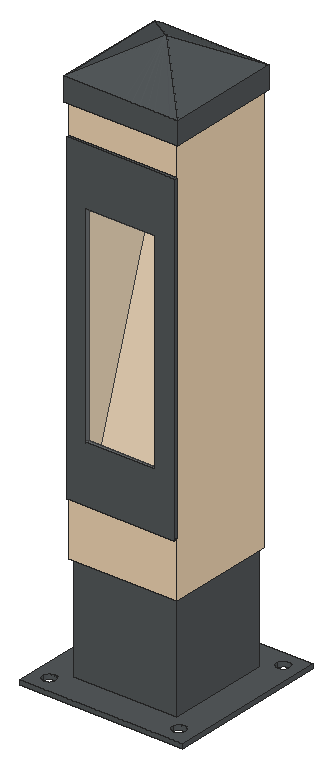
Revit family "Баум", category Осветительные приборы, Revit 2019 (continued)
Types (3, lengths in mm): name | Файл фотометрической сетки | built-in parameter 1150105 | Lumens | built-in parameter 1150106 | built-in parameter 1150142 | Wattage | h_столб низ | h_столб верх | ADSK_Фактическая мощность | ADSK_Размер_Высота | ADSK_Номинальная мощность | ADSK_Наименование | ADSK_Масса_Текст | ADSK_Масса | ADSK_Артикул
    .4 0.4 0.4 0.4 0.4 0.4 0.4 0.4 0.4 0.4 0.4 0.4 0.4 0.4\r\n 0.4 0.4 0.4 0.4 0.4 0.4 0.4 0.4 0.4 0.4 0.4 0.4 0.4 0.4 0.4 0.4 0.4 0.4 0.4 0.4 0.4 0.4 0.4 0.4 0.4 0.4 0.4 0.4 0.4 0.4 0.4 0.4\r\n 0.4 0.4 0.4 0.4 0.4 0.4 0.4 0.4 0.4 0.4 0.4 0.4 0.4 0.4 0.4 0.4 0.4 0.4 0.4 0.4 0.4 0.4 0.4 0.4 0.4 0.4 0.4 0.4 0.4 0.4 0.4 0.4\r\n 0.4 0.4 0.4 0.4 0.4 0.4 0.4 0.4 0.4 0.4 0.4 0.2 0.2 0.2 0.0 0.0 0.0 0.0 0.0 0.0 0.0\r\n0.0 0.0 0.2 0.2 0.2 0.2 0.2 0.2 0.4 0.4 0.4 0.4 0.4 0.4 0.4 0.4 0.4 0.4 0.4 0.4 0.4 0.4 0.4 0.4 0.4 0.4 0.4 0.4 0.4 0.4 0.4 0.4\r\n 0.4 0.4 0.4 0.4 0.4 0.4 0.4 0.4 0.6 0.6 0.4 0.4 0.4 0.4 0.4 0.4 0.4 0.4 0.4 0.4 0.4 0.4 0.4 0.4 0.4 0.4 0.4 0.4 0.4 0.4 0.4 0.4\r\n 0.4 0.4 0.4 0.4 0.4 0.4 0.4 0.4 0.4 0.4 0.4 0.4 0.4 0.4 0.4 0.4 0.4 0.4 0.4 0.4 0.4 0.4 0.4 0.4 0.4 0.4 0.4 0.4 0.4 0.4 0.4 0.4\r\n 0.4 0.4 0.4 0.4 0.4 0.4 0.4 0.4 0.4 0.4 0.4 0.4 0.4 0.4 0.4 0.4 0.4 0.4 0.4 0.4 0.4 0.4 0.4 0.4 0.4 0.4 0.4 0.4 0.4 0.4 0.4 0.4\r\n 0.4 0.4 0.4 0.4 0.4 0.4 0.4 0.4 0.4 0.4 0.4 0.4 0.4 0.4 0.4 0.4 0.4 0.4 0.4 0.4 0.4 0.4 0.4 0.4 0.4 0.4 0.4 0.4 0.4 0.4 0.4 0.4\r\n 0.4 0.4 0.4 0.4 0.4 0.4 0.4 0.4 0.4 0.4 0.4 0.2 0.2 0.2 0.0 0.0 0.0 0.0 0.0 0.0 0.0\r\n0.0 0.0 0.2 0.2 0.2 0.2 0.2 0.2 0.4 0.4 0.4 0.4 0.4 0.4 0.4 0.4 0.4 0.4 0.4 0.4 0.4 0.4 0.4 0.4 0.4 0.4 0.4 0.4 0.4 0.4 0.4 0.4\r\n 0.4 0.4 0.4 0.4 0.4 0.4 0.4 0.4 0.4 0.4 0.4 0.4 0.4 0.4 0.4 0.4 0.4 0.4 0.4 0.4 0.4 0.4 0.4 0.4 0.4 0.4 0.4 0.4 0.4 0.4 0.4 0.4\r\n 0.4 0.4 0.4 0.4 0.4 0.4 0.4 0.4 0.4 0.4 0.4 0.4 0.4 0.4 0.4 0.4 0.4 0.4 0.4 0.4 0.4 0.4 0.4 0.4 0.4 0.4 0.4 0.4 0.4 0.4 0.4 0.4\r\n 0.4 0.4 0.4 0.4 0.4 0.4 0.4 0.4 0.4 0.4 0.4 0.4 0.4 0.4 0.4 0.4 0.4 0.4 0.4 0.4 0.4 0.4 0.4 0.4 0.4 0.4 0.4 0.4 0.4 0.4 0.4 0.4\r\n 0.4 0.4 0.4 0.4 0.4 0.4 0.4 0.4 0.4 0.4 0.4 0.4 0.4 0.4 0.4 0.4 0.4 0.4 0.4 0.4 0.4 0.4 0.4 0.4 0.4 0.4 0.4 0.4 0.4 0.4 0.4 0.4\r\n 0.4 0.4 0.4 0.4 0.4 0.4 0.4 0.4 0.4 0.4 0.4 0.2 0.2 0.2 0.0 0.0 0.0 0.0 0.0 0.0 0.0\r\n0.0 0.0 0.2 0.2 0.2 0.2 0.2 0.2 0.4 0.4 0.4 0.4 0.4 0.4 0.4 0.4 0.4 0.4 0.4 0.4 0.4 0.4 0.4 0.4 0.4 0.4 0.4 0.4 0.4 0.4 0.4 0.4\r\n 0.4 0.4 0.4 0.4 0.4 0.4 0.4 0.4 0.4 0.4 0.4 0.4 0.4 0.4 0.4 0.4 0.4 0.4 0.4 0.4 0.4 0.4 0.4 0.4 0.4 0.4 0.4 0.4 0.4 0.4 0.4 0.4\r\n 0.4 0.4 0.4 0.4 0.4 0.4 0.4 0.4 0.4 0.4 0.4 0.4 0.4 0.4 0.4 0.4 0.4 0.4 0.4 0.4 0.4 0.4 0.4 0.4 0.4 0.4 0.4 0.4 0.4 0.4 0.4 0.4\r\n 0.4 0.4 0.4 0.4 0.4 0.4 0.4 0.4 0.4 0.4 0.4 0.4 0.4 0.4 0.4 0.4 0.4 0.4 0.4 0.4 0.4 0.4 0.4 0.4 0.4 0.4 0.4 0.4 0.4 0.4 0.4 0.4\r\n 0.4 0.4 0.4 0.4 0.4 0.4 0.4 0.4 0.4 0.4 0.4 0.4 0.4 0.4 0.4 0.4 0.4 0.4 0.4 0.4 0.4 0.4 0.4 0.4 0.4 0.4 0.4 0.4 0.4 0.4 0.4 0.4\r\n 0.4 0.4 0.4 0.4 0.4 0.4 0.4 0.4 0.4 0.4 0.4 0.2 0.2 0.2 0.0 0.0 0.0 0.0 0.0 0.0 0.0\r\n0.0 0.0 0.2 0.2 0.2 0.2 0.2 0.2 0.4 0.4 0.4 0.4 0.4 0.4 0.4 0.4 0.4 0.4 0.4 0.4 0.4 0.4 0.4 0.4 0.4 0.4 0.4 0.4 0.4 0.4 0.4 0.4\r\n 0.4 0.4 0.4 0.4 0.4 0.4 0.4 0.4 0.4 0.4 0.4 0.4 0.4 0.4 0.4 0.4 0.4 0.4 0.4 0.4 0.4 0.4 0.4 0.4 0.4 0.4 0.4 0.4 0.4 0.4 0.4 0.4\r\n 0.4 0.4 0.4 0.4 0.4 0.4 0.4 0.4 0.4 0.4 0.4 0.4 0.4 0.4 0.4 0.4 0.4 0.4 0.4 0.4 0.4 0.4 0.4 0.4 0.4 0.4 0.4 0.4 0.4 0.4 0.4 0.4\r\n 0.4 0.4 0.4 0.4 0.4 0.4 0.4 0.4 0.4 0.4 0.4 0.4 0.4 0.4 0.4 0.4 0.4 0.4 0.4 0.4 0.4 0.4 0.4 0.4 0.4 0.4 0.4 0.4 0.4 0.4 0.4 0.4\r\n 0.4 0.4 0.4 0.4 0.4 0.4 0.4 0.4 0.4 0.4 0.4 0.4 0.4 0.4 0.4 0.4 0.4 0.4 0.4 0.4 0.4 0.4 0.4 0.4 0.4 0.4 0.4 0.4 0.4 0.4 0.4 0.4\r\n 0.4 0.4 0.4 0.4 0.4 0.4 0.4 0.4 0.4 0.4 0.4 0.2 0.2 0.2 0.0 0.0 0.0 0.0 0.0 0.0 0.0\r\n0.0 0.0 0.2 0.2 0.2 0.2 0.2 0.2 0.4 0.4 0.4 0.4 0.4 0.4 0.4 0.4 0.4 0.4 0.4 0.4 0.4 0.4 0.4 0.4 0.4 0.4 0.4 0.4 0.4 0.4 0.4 0.4\r\n 0.4 0.4 0.4 0.4 0.4 0.4 0.4 0.4 0.4 0.4 0.4 0.4 0.4 0.4 0.4 0.4 0.4 0.4 0.4 0.4 0.4 0.4 0.4 0.4 0.4 0.4 0.4 0.4 0.4 0.4 0.4 0.4\r\n 0.4 0.4 0.4 0.4 0.4 0.4 0.4 0.4 0.4 0.4 0.4 0.4 0.4 0.4 0.4 0.4 0.4 0.4 0.4 0.4 0.4 0.4 0.4 0.4 0.4 0.4 0.4 0.4 0.4 0.4 0.4 0.4\r\n 0.4 0.4 0.4 0.4 0.4 0.4 0.4 0.4 0.4 0.4 0.4 0.4 0.4 0.4 0.4 0.4 0.4 0.4 0.4 0.4 0.4 0.4 0.4 0.4 0.4 0.4 0.4 0.4 0.4 0.4 0.4 0.4\r\n 0.4 0.4 0.4 0.4 0.4 0.4 0.4 0.4 0.4 0.4 0.4 0.4 0.4 0.4 0.4 0.4 0.4 0.4 0.4 0.4 0.4 0.4 0.4 0.4 0.4 0.4 0.4 0.4 0.4 0.4 0.4 0.4\r\n 0.4 0.4 0.4 0.4 0.4 0.4 0.4 0.4 0.4 0.4 0.4 0.2 0.2 0.2 0.0 0.0 0.0 0.0 0.0 0.0 0.0\r\n0.0 0.0 0.2 0.2 0.2 0.2 0.2 0.2 0.4 0.4 0.4 0.4 0.4 0.4 0.4 0.4 0.4 0.4 0.4 0.4 0.4 0.4 0.4 0.4 0.4 0.4 0.4 0.4 0.4 0.4 0.4 0.4\r\n 0.4 0.4 0.4 0.4 0.4 0.4 0.4 0.4 0.4 0.4 0.4 0.4 0.4 0.4 0.4 0.4 0.4 0.4 0.4 0.4 0.4 0.4 0.4 0.4 0.4 0.4 0.4 0.4 0.4 0.4 0.4 0.4\r\n 0.4 0.4 0.4 0.4 0.4 0.4 0.4 0.4 0.4 0.4 0.4 0.4 0.4 0.4 0.6 0.4 0.4 0.4 0.4 0.4 0.4 0.4 0.4 0.4 0.4 0.4 0.4 0.4 0.4 0.4 0.4 0.4\r\n 0.4 0.4 0.4 0.4 0.4 0.4 0.4 0.4 0.4 0.4 0.4 0.4 0.4 0.4 0.4 0.4 0.4 0.4 0.4 0.4 0.4 0.4 0.4 0.4 0.4 0.4 0.4 0.4 0.4 0.4 0.4 0.4\r\n 0.4 0.4 0.4 0.4 0.4 0.4 0.4 0.4 0.4 0.4 0.4 0.4 0.4 0.4 0.4 0.4 0.4 0.4 0.4 0.4 0.4 0.4 0.4 0.4 0.4 0.4 0.4 0.4 0.4 0.4 0.4 0.4\r\n 0.4 0.4 0.4 0.4 0.4 0.4 0.4 0.4 0.4 0.4 0.4 0.2 0.2 0.2 0.0 0.0 0.0 0.0 0.0 0.0 0.0\r\n0.0 0.0 0.2 0.2 0.2 0.2 0.2 0.2 0.4 0.4 0.4 0.4 0.4 0.4 0.4 0.4 0.4 0.4 0.4 0.4 0.4 0.4 0.4 0.4 0.4 0.4 0.4 0.4 0.4 0.4 0.4 0.4\r\n 0.4 0.4 0.4 0.4 0.4 0.4 0.4 0.4 0.4 0.4 0.4 0.4 0.4 0.4 0.4 0.4 0.4 0.4 0.4 0.4 0.4 0.4 0.4 0.4 0.4 0.4 0.4 0.4 0.4 0.4 0.4 0.4\r\n 0.4 0.4 0.4 0.4 0.4 0.4 0.4 0.4 0.4 0.4 0.4 0.4 0.4 0.4 0.4 0.4 0.4 0.4 0.4 0.4 0.4 0.4 0.4 0.4 0.4 0.4 0.4 0.4 0.4 0.4 0.4 0.4\r\n 0.4 0.4 0.4 0.4 0.4 0.4 0.4 0.4 0.4 0.4 0.4 0.4 0.4 0.4 0.4 0.4 0.4 0.4 0.4 0.4 0.4 0.4 0.4 0.4 0.4 0.4 0.4 0.4 0.4 0.4 0.4 0.4\r\n 0.4 0.4 0.4 0.4 0.4 0.4 0.4 0.4 0.4 0.4 0.4 0.4 0.4 0.4 0.4 0.4 0.4 0.4 0.4 0.4 0.4 0.4 0.4 0.4 0.4 0.4 0.4 0.4 0.4 0.4 0.4 0.4\r\n 0.4 0.4 0.4 0.4 0.4 0.4 0.4 0.4 0.4 0.4 0.4 0.2 0.2 0.2 0.0 0.0 0.0 0.0 0.0 0.0 0.0\r\n0.0 0.0 0.2 0.2 0.2 0.2 0.2 0.2 0.4 0.4 0.4 0.4 0.4 0.4 0.4 0.4 0.4 0.4 0.4 0.4 0.4 0.4 0.4 0.4 0.4 0.4 0.4 0.4 0.4 0.4 0.4 0.4\r\n 0.4 0.4 0.4 0.4 0.4 0.4 0.4 0.4 0.4 0.4 0.4 0.4 0.4 0.4 0.4 0.4 0.4 0.4 0.4 0.4 0.4 0.4 0.4 0.4 0.4 0.4 0.4 0.4 0.4 0.4 0.4 0.4\r\n 0.4 0.4 0.4 0.4 0.4 0.4 0.4 0.4 0.4 0.4 0.4 0.4 0.4 0.4 0.4 0.4 0.4 0.4 0.4 0.4 0.4 0.4 0.4 0.4 0.4 0.4 0.4 0.4 0.4 0.4 0.4 0.4\r\n 0.4 0.4 0.4 0.4 0.4 0.4 0.4 0.4 0.4 0.4 0.4 0.4 0.4 0.4 0.4 0.4 0.4 0.4 0.4 0.4 0.4 0.4 0.4 0.4 0.4 0.4 0.4 0.4 0.4 0.4 0.4 0.4\r\n 0.4 0.4 0.4 0.4 0.4 0.4 0.4 0.4 0.4 0.4 0.4 0.4 0.4 0.4 0.4 0.4 0.4 0.4 0.4 0.4 0.4 0.4 0.4 0.4 0.4 0.4 0.4 0.4 0.4 0.4 0.4 0.4\r\n 0.4 0.4 0.4 0.4 0.4 0.4 0.4 0.4 0.4 0.4 0.4 0.2 0.2 0.2 0.0 0.0 0.0 0.0 0.0 0.0 0.0\r\n0.0 0.0 0.2 0.2 0.2 0.2 0.2 0.2 0.4 0.4 0.4 0.4 0.4 0.4 0.4 0.4 0.4 0.4 0.4 0.4 0.4 0.4 0.4 0.4 0.4 0.4 0.4 0.4 0.4 0.4 0.4 0.4\r\n 0.4 0.4 0.4 0.4 0.4 0.4 0.4 0.4 0.4 0.4 0.4 0.4 0.4 0.4 0.4 0.4 0.4 0.4 0.4 0.4 0.4 0.4 0.4 0.4 0.4 0.4 0.4 0.4 0.4 0.4 0.4 0.4\r\n 0.4 0.4 0.4 0.4 0.4 0.4 0.4 0.4 0.4 0.4 0.4 0.4 0.4 0.4 0.4 0.4 0.4 0.4 0.4 0.4 0.4 0.4 0.4 0.4 0.4 0.4 0.4 0.4 0.4 0.4 0.4 0.4\r\n 0.4 0.4 0.4 0.4 0.4 0.4 0.4 0.4 0.4 0.4 0.4 0.4 0.4 0.4 0.4 0.4 0.4 0.4 0.4 0.4 0.4 0.4 0.4 0.4 0.4 0.4 0.4 0.4 0.4 0.4 0.4 0.4\r\n 0.4 0.4 0.4 0.4 0.4 0.4 0.4 0.4 0.4 0.4 0.4 0.4 0.4 0.4 0.4 0.4 0.4 0.4 0.4 0.4 0.4 0.4 0.4 0.4 0.4 0.4 0.4 0.4 0.4 0.4 0.4 0.4\r\n 0.4 0.4 0.4 0.4 0.4 0.4 0.4 0.4 0.4 0.4 0.4 0.2 0.2 0.2 0.0 0.0 0.0 0.0 0.0 0.0 0.0\r\n0.0 0.0 0.4 0.2 0.2 0.2 0.2 0.2 0.4 0.4 0.4 0.4 0.4 0.4 0.4 0.4 0.4 0.4 0.4 0.4 0.4 0.4 0.4 0.4 0.4 0.4 0.4 0.4 0.4 0.4 0.4 0.4\r\n 0.4 0.4 0.4 0.4 0.4 0.4 0.4 0.4 0.4 0.4 0.4 0.4 0.4 0.4 0.4 0.4 0.4 0.4 0.4 0.4 0.4 0.4 0.4 0.4 0.4 0.4 0.4 0.4 0.4 0.4 0.4 0.4\r\n 0.4 0.4 0.4 0.4 0.4 0.4 0.4 0.4 0.4 0.4 0.4 0.4 0.4 0.4 0.4 0.4 0.4 0.4 0.4 0.4 0.4 0.4 0.4 0.4 0.4 0.4 0.4 0.4 0.4 0.4 0.4 0.4\r\n 0.4 0.4 0.4 0.4 0.4 0.4 0.4 0.4 0.4 0.4 0.4 0.4 0.4 0.4 0.4 0.4 0.4 0.4 0.4 0.4 0.4 0.4 0.4 0.4 0.4 0.4 0.4 0.4 0.4 0.4 0.4 0.4\r\n 0.4 0.4 0.4 0.4 0.4 0.4 0.4 0.4 0.4 0.4 0.4 0.4 0.4 0.4 0.4 0.4 0.4 0.4 0.4 0.4 0.4 0.4 0.4 0.4 0.4 0.4 0.4 0.4 0.4 0.4 0.4 0.4\r\n 0.4 0.4 0.4 0.4 0.4 0.4 0.4 0.4 0.4 0.4 0.4 0.2 0.2 0.2 0.0 0.0 0.0 0.0 0.0 0.0 0.0\r\n0.0 0.0 0.4 0.2 0.2 0.2 0.2 0.2 0.4 0.4 0.4 0.4 0.4 0.4 0.4 0.4 0.4 0.4 0.4 0.4 0.4 0.4 0.4 0.4 0.4 0.4 0.4 0.4 0.4 0.4 0.4 0.4\r\n 0.4 0.4 0.4 0.4 0.4 0.4 0.4 0.4 0.4 0.4 0.4 0.4 0.4 0.4 0.4 0.4 0.4 0.4 0.4 0.4 0.4 0.4 0.4 0.4 0.4 0.4 0.4 0.4 0.4 0.4 0.4 0.4\r\n 0.4 0.6 0.6 0.6 0.6 0.6 0.6 0.6 0.6 0.4 0.4 0.4 0.4 0.4 0.4 0.4 0.4 0.4 0.4 0.4 0.4 0.4 0.4 0.4 0.4 0.4 0.4 0.4 0.4 0.4 0.4 0.4\r\n 0.4 0.4 0.4 0.4 0.4 0.4 0.4 0.4 0.4 0.4 0.4 0.4 0.4 0.4 0.4 0.4 0.4 0.4 0.4 0.4 0.4 0.4 0.4 0.4 0.4 0.4 0.4 0.4 0.4 0.4 0.4 0.4\r\n 0.4 0.4 0.4 0.4 0.4 0.4 0.4 0.4 0.4 0.4 0.4 0.4 0.4 0.4 0.4 0.4 0.4 0.4 0.4 0.4 0.4 0.4 0.4 0.4 0.4 0.4 0.4 0.4 0.4 0.4 0.4 0.4\r\n 0.4 0.4 0.4 0.4 0.4 0.4 0.4 0.4 0.4 0.4 0.4 0.2 0.2 0.2 0.0 0.0 0.0 0.0 0.0 0.0 0.0\r\n0.0 0.0 0.4 0.2 0.2 0.2 0.2 0.2 0.4 0.6 0.4 0.4 0.4 0.4 0.4 0.4 0.4 0.4 0.4 0.4 0.4 0.4 0.4 0.4 0.4 0.4 0.4 0.4 0.4 0.4 0.4 0.4\r\n 0.4 0.4 0.4 0.4 0.4 0.4 0.4 0.4 0.4 0.4 0.4 0.4 0.4 0.4 0.4 0.4 0.4 0.4 0.4 0.4 0.4 0.4 0.4 0.4 0.4 0.4 0.4 0.6 0.6 0.6 0.6 0.6\r\n 0.7 1.3 1.3 1.3 1.1 0.9 0.9 0.7 0.7 0.6 0.6 0.4 0.4 0.4 0.4 0.4 0.4 0.4 0.4 0.4 0.4 0.4 0.4 0.4 0.4 0.4 0.4 0.4 0.4 0.4 0.4 0.4\r\n 0.4 0.4 0.4 0.4 0.4 0.4 0.4 0.4 0.4 0.4 0.4 0.4 0.4 0.4 0.4 0.4 0.4 0.4 0.4 0.4 0.4 0.4 0.4 0.4 0.4 0.4 0.4 0.4 0.4 0.4 0.4 0.4\r\n 0.4 0.4 0.4 0.4 0.4 0.4 0.4 0.4 0.4 0.4 0.4 0.4 0.4 0.4 0.4 0.4 0.4 0.4 0.4 0.4 0.4 0.4 0.4 0.4 0.4 0.4 0.4 0.4 0.4 0.4 0.4 0.4\r\n 0.4 0.4 0.4 0.4 0.4 0.4 0.4 0.4 0.4 0.4 0.4 0.4 0.2 0.2 0.0 0.0 0.0 0.0 0.0 0.0 0.0\r\n0.0 0.0 0.4 0.2 0.4 0.2 0.2 0.2 0.4 0.6 0.4 0.4 0.4 0.4 0.4 0.4 0.4 0.4 0.4 0.4 0.4 0.4 0.4 0.4 0.4 0.4 0.4 0.4 0.4 0.4 0.4 0.4\r\n 0.4 0.4 0.4 0.4 0.4 0.4 0.6 1.6 2.2 2.2 1.8 1.6 1.5 1.3 1.1 0.9 0.7 0.7 0.7 0.7 0.7 0.7 0.9 1.1 0.9 0.9 1.1 1.5 1.6 1.8 2.2 1.8\r\n 1.3 1.8 2.4 2.6 2.2 1.8 1.5 1.3 1.1 0.9 0.7 0.7 0.6 0.6 0.6 0.4 0.4 0.4 0.4 0.4 0.4 0.4 0.4 0.4 0.4 0.4 0.4 0.4 0.4 0.4 0.4 0.4\r\n 0.4 0.4 0.4 0.4 0.4 0.4 0.4 0.4 0.4 0.4 0.4 0.4 0.4 0.4 0.4 0.4 0.4 0.4 0.4 0.4 0.4 0.4 0.4 0.4 0.4 0.4 0.4 0.4 0.4 0.4 0.4 0.4\r\n 0.4 0.4 0.4 0.4 0.4 0.4 0.4 0.4 0.4 0.4 0.4 0.4 0.4 0.4 0.4 0.4 0.4 0.4 0.4 0.4 0.4 0.4 0.4 0.4 0.4 0.4 0.4 0.4 0.4 0.4 0.4 0.4\r\n 0.4 0.4 0.4 0.4 0.4 0.4 0.4 0.4 0.4 0.4 0.4 0.4 0.2 0.2 0.0 0.0 0.0 0.0 0.0 0.0 0.0\r\n0.0 0.0 0.4 0.2 0.4 0.2 0.2 0.2 0.4 0.6 0.4 0.4 0.4 0.4 0.4 0.4 0.4 0.4 0.4 0.4 0.4 0.4 0.4 0.4 0.4 0.4 0.4 0.4 0.4 0.4 0.4 0.4\r\n 0.6 1.3 1.3 1.6 4.6 4.6 8.4 32.5 51.9 59.1 58.5 60.4 56.9 51.9 47.7 43.5 39.6 35.2 30.3 26.2 23.1 20.9 18.9 16.9 16.0 15.6 16.1\r\n 17.4 17.4 18.2 18.2 17.6 18.7 19.3 19.1 20.0 19.6 18.9 19.3 18.4 17.6 17.6 16.1 14.7 14.3 13.0 11.9 11.2 7.3 2.6 0.9 0.4 0.4 0.4\r\n 0.4 0.4 0.4 0.4 0.4 0.4 0.4 0.4 0.4 0.4 0.4 0.4 0.4 0.4 0.4 0.4 0.4 0.4 0.4 0.4 0.4 0.4 0.4 0.4 0.4 0.4 0.4 0.4 0.4 0.4 0.4 0.4\r\n 0.4 0.4 0.4 0.4 0.4 0.4 0.4 0.4 0.4 0.4 0.4 0.4 0.4 0.4 0.4 0.4 0.4 0.4 0.4 0.4 0.4 0.4 0.4 0.4 0.4 0.4 0.4 0.4 0.4 0.4 0.4 0.4\r\n 0.4 0.4 0.4 0.4 0.4 0.4 0.4 0.4 0.4 0.4 0.4 0.4 0.4 0.4 0.4 0.4 0.4 0.4 0.4 0.4 0.4 0.4 0.2 0.2 0.0 0.0 0.0 0.0 0.0 0.0 0.0\r\n0.0 0.0 0.4 0.2 0.4 0.2 0.2 0.2 0.4 0.6 0.4 0.4 0.4 0.4 0.4 0.4 0.4 0.4 0.4 0.4 0.4 0.4 0.4 0.4 0.4 0.4 0.4 0.4 0.4 0.4 1.1 2.4\r\n 4.6 13.4 18.0 25.1 54.1 85.7 100.2 108.6 116.2 120.2 126.4 131.2 135.8 133.2 129.6 123.7 119.8 117.6 114.0 113.1 111.4 109.8\r\n 108.6 107.9 105.7 103.5 101.7 98.9 95.6 93.4 90.8 86.6 81.8 78.2 76.5 73.6 70.3 68.3 65.3 61.3 56.5 52.1 48.5 44.2 41.7 37.8 32.3\r\n 22.6 12.9 7.2 4.6 2.6 1.3 0.6 0.4 0.4 0.4 0.4 0.4 0.4 0.4 0.4 0.4 0.4 0.4 0.4 0.4 0.4 0.4 0.4 0.4 0.4 0.4 0.4 0.4 0.4 0.4 0.4 0.4\r\n 0.4 0.4 0.4 0.4 0.4 0.4 0.4 0.4 0.4 0.4 0.4 0.4 0.4 0.4 0.4 0.4 0.4 0.4 0.4 0.4 0.4 0.4 0.4 0.4 0.4 0.4 0.4 0.4 0.4 0.4 0.4 0.4\r\n 0.4 0.4 0.4 0.4 0.4 0.4 0.4 0.4 0.4 0.4 0.4 0.4 0.4 0.4 0.4 0.4 0.4 0.4 0.4 0.4 0.4 0.4 0.4 0.4 0.4 0.4 0.4 0.4 0.4 0.2 0.2 0.0\r\n 0.0 0.0 0.0 0.0 0.0 0.0\r\n0.0 0.0 0.4 0.2 0.4 0.2 0.2 0.2 0.4 0.6 0.4 0.4 0.4 0.4 0.4 0.4 0.4 0.4 0.4 0.4 0.4 0.4 0.4 0.4 0.4 0.4 0.4 0.6 2.0 5.5 11.9 25.3\r\n 34.3 52.7 94.5 118.4 134.3 150.5 165.5 174.2 184.1 192.7 200.4 208.6 206.1 206.4 201.3 195.4 191.4 187.7 184.1 179.1 175.4 174.0\r\n 171.8 167.4 166.3 162.8 158.0 154.5 152.3 148.6 143.9 139.7 134.9 129.8 125.9 121.1 117.3 112.5 106.1 98.9 92.5 85.7 80.8 75.4\r\n 68.8 56.3 42.2 31.6 23.9 17.3 12.3 8.6 5.5 3.1 1.5 0.6 0.4 0.4 0.4 0.4 0.4 0.4 0.4 0.4 0.4 0.4 0.4 0.4 0.4 0.4 0.4 0.4 0.4 0.4\r\n 0.4 0.4 0.4 0.4 0.4 0.4 0.4 0.4 0.4 0.4 0.4 0.4 0.4 0.4 0.4 0.4 0.4 0.4 0.4 0.4 0.4 0.4 0.4 0.4 0.4 0.4 0.4 0.4 0.4 0.4 0.4 0.4\r\n 0.4 0.4 0.4 0.4 0.4 0.4 0.4 0.4 0.4 0.4 0.4 0.4 0.4 0.4 0.4 0.4 0.4 0.4 0.4 0.4 0.4 0.4 0.4 0.4 0.4 0.4 0.4 0.4 0.4 0.4 0.4 0.4\r\n 0.4 0.4 0.2 0.2 0.0 0.0 0.0 0.0 0.0 0.0 0.0\r\n0.0 0.0 0.4 0.2 0.4 0.2 0.2 0.2 0.4 0.6 0.4 0.4 0.4 0.4 0.4 0.4 0.4 0.4 0.4 0.4 0.4 0.4 0.4 0.4 0.6 0.9 1.6 8.1 18.9 44.6 63.7\r\n 90.8 118.2 137.6 153.8 169.8 185.7 202.6 225.4 236.0 257.8 286.1 287.0 303.2 315.8 310.0 308.3 307.4 305.4 300.8 300.4 298.2\r\n 296.6 291.8 287.9 283.7 276.6 270.1 264.1 256.5 248.1 239.1 231.8 223.7 213.8 205.7 198.2 191.4 182.6 174.4 165.4 156.5 147.7\r\n 137.6 127.6 114.2 96.3 79.5 65.3 54.7 45.2 36.5 29.2 21.3 15.1 9.5 6.1 1.3 0.4 0.4 0.4 0.4 0.4 0.4 0.4 0.4 0.4 0.4 0.4 0.4 0.4\r\n 0.4 0.4 0.4 0.4 0.4 0.4 0.4 0.4 0.4 0.4 0.4 0.4 0.4 0.4 0.4 0.4 0.4 0.4 0.4 0.4 0.4 0.4 0.4 0.4 0.4 0.4 0.4 0.4 0.4 0.4 0.4 0.4\r\n 0.4 0.4 0.4 0.4 0.4 0.4 0.4 0.4 0.4 0.4 0.4 0.4 0.4 0.4 0.4 0.4 0.4 0.4 0.4 0.4 0.4 0.4 0.4 0.4 0.4 0.4 0.4 0.4 0.4 0.4 0.4 0.4\r\n 0.4 0.4 0.4 0.4 0.4 0.4 0.2 0.2 0.2 0.0 0.0 0.0 0.0 0.0 0.0 0.0\r\n0.0 0.0 0.4 0.2 0.4 0.2 0.2 0.4 0.4 0.6 0.4 0.4 0.4 0.4 0.4 0.4 0.4 0.4 0.4 0.4 0.4 0.4 0.6 0.7 3.1 8.1 20.4 55.4 75.4 97.1 123.5\r\n 149.6 171.6 183.7 201.3 231.2 254.0 277.7 309.0 334.2 361.3 390.9 397.9 391.8 388.0 386.1 376.4 371.1 365.6 361.7 354.5 347.8\r\n 341.7 336.4 332.0 327.2 321.1 313.3 307.4 299.5 290.9 285.4 278.6 270.1 262.1 253.6 246.3 237.3 227.9 217.8 209.0 199.7 189.0\r\n 174.7 152.3 130.3 114.9 99.8 89.0 76.7 66.3 55.4 46.3 36.5 26.1 17.6 11.0 2.4 0.6 0.4 0.4 0.4 0.4 0.4 0.4 0.4 0.4 0.4 0.4 0.4 0.4\r\n 0.4 0.4 0.4 0.4 0.4 0.4 0.4 0.4 0.4 0.4 0.4 0.4 0.4 0.4 0.4 0.4 0.4 0.4 0.4 0.4 0.4 0.4 0.4 0.4 0.4 0.4 0.4 0.4 0.4 0.4 0.4 0.4\r\n 0.4 0.4 0.4 0.4 0.4 0.4 0.4 0.4 0.4 0.4 0.4 0.4 0.4 0.4 0.4 0.4 0.4 0.4 0.4 0.4 0.4 0.4 0.4 0.4 0.4 0.4 0.4 0.4 0.4 0.4 0.4 0.4\r\n 0.4 0.4 0.4 0.4 0.4 0.4 0.2 0.2 0.2 0.0 0.0 0.0 0.0 0.0 0.0 0.0\r\n0.0 0.0 0.4 0.2 0.4 0.2 0.2 0.4 0.4 0.6 0.4 0.4 0.4 0.4 0.4 0.4 0.4 0.4 0.4 0.4 0.4 0.6 3.1 9.2 22.9 43.1 89.0 117.6 136.5 159.7\r\n 178.6 197.3 211.4 239.3 268.1 292.5 329.6 354.5 387.4 408.3 414.6 412.4 407.0 403.7 399.0 389.8 390.2 384.3 379.5 376.0 368.3\r\n 364.5 359.9 352.2 347.4 338.8 330.7 327.4 318.0 308.1 300.6 296.0 286.8 277.7 270.9 262.6 252.9 243.3 234.7 226.8 218.0 206.1\r\n 187.0 163.0 140.9 124.4 111.2 98.9 86.8 74.7 65.3 53.0 45.2 33.6 23.1 15.4 6.1 1.1 0.4 0.4 0.4 0.4 0.4 0.4 0.4 0.4 0.4 0.4 0.4\r\n 0.4 0.4 0.4 0.4 0.4 0.4 0.4 0.4 0.4 0.4 0.4 0.4 0.4 0.4 0.4 0.4 0.4 0.4 0.4 0.4 0.4 0.4 0.4 0.4 0.4 0.4 0.4 0.4 0.4 0.4 0.4 0.4\r\n 0.4 0.4 0.4 0.4 0.4 0.4 0.4 0.4 0.4 0.4 0.4 0.4 0.4 0.4 0.4 0.4 0.4 0.4 0.4 0.4 0.4 0.4 0.4 0.4 0.4 0.4 0.4 0.4 0.4 0.4 0.4 0.4\r\n 0.4 0.4 0.4 0.4 0.4 0.4 0.4 0.4 0.2 0.2 0.2 0.0 0.0 0.0 0.0 0.0 0.0 0.0\r\n0.0 0.0 0.4 0.4 0.4 0.2 0.2 0.4 0.4 0.6 0.4 0.4 0.4 0.4 0.4 0.4 0.4 0.4 0.4 0.6 1.1 5.0 18.4 53.0 93.6 127.0 150.7 167.2 189.9\r\n 207.6 234.2 263.0 290.9 318.0 360.4 394.6 423.9 441.2 441.0 438.8 434.9 431.5 428.5 425.9 420.1 416.8 410.9 404.5 402.1 392.9\r\n 389.6 381.4 375.1 370.3 363.4 355.7 351.3 342.4 331.3 323.4 317.9 308.3 299.1 294.5 287.6 276.9 267.8 258.6 249.9 239.3 224.6\r\n 202.4 178.0 157.5 143.5 126.4 115.6 100.9 88.6 78.2 66.6 56.7 45.5 33.6 24.4 16.0 6.1 1.1 0.4 0.4 0.4 0.4 0.4 0.4 0.4 0.4 0.4 0.4\r\n 0.4 0.4 0.4 0.4 0.4 0.4 0.4 0.4 0.4 0.4 0.4 0.4 0.4 0.4 0.4 0.4 0.4 0.4 0.4 0.4 0.4 0.4 0.4 0.4 0.4 0.4 0.4 0.4 0.4 0.4 0.4 0.4\r\n 0.4 0.4 0.4 0.4 0.4 0.4 0.4 0.4 0.4 0.4 0.4 0.4 0.4 0.4 0.4 0.4 0.4 0.4 0.4 0.4 0.4 0.4 0.4 0.4 0.4 0.4 0.4 0.4 0.4 0.4 0.4 0.4\r\n 0.4 0.4 0.4 0.4 0.4 0.4 0.4 0.4 0.4 0.2 0.2 0.2 0.0 0.0 0.0 0.0 0.0 0.0 0.0\r\n0.0 0.0 0.4 0.4 0.4 0.2 0.2 0.4 0.4 0.6 0.4 0.4 0.4 0.4 0.4 0.4 0.4 0.4 0.6 2.0 9.0 39.5 72.9 139.3 187.2 222.4 253.4 281.3 303.9\r\n 329.0 360.4 384.3 425.2 452.7 484.3 502.3 504.1 498.6 495.7 486.9 487.1 481.7 477.0 470.0 460.8 458.6 450.7 449.3 441
